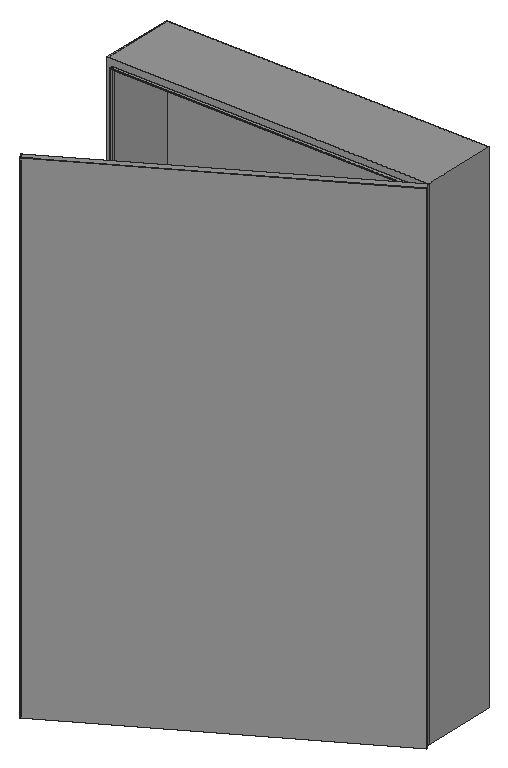
Revit family "Hager-Univers-IP54-D205-H1250-Cl.I-Encl-NoHosted-DE-de", category Equipement électrique, Revit 2020
Family settings
  Configuration du panneau = Deux colonnes, circuits au sein
  Cote de connecteur circulaire = Utiliser le diamètre
  Type d'élément = Tableau de raccordement
  Basée sur le plan de construction = Oui
  Toujours verticalement = Oui
  Couper avec des vides une fois chargée = Non
  Partagée = Non
  Point de calcul de pièce = Non
Parameters (values of type "Aufputz IP54 B800 H1250 T205  - FP83TW2")
  Width Control [instance] = if([EF000008 - Breite] > Min Width, [EF000008 - Breite], Min Width)  # 800 mm
  Commentaires du type = [HG000003 - Bereich]  # "Univers"
  Thickness Door [instance] = if([EF009171 - Materialstärke Tür/Deckel] > 3 mm, 3 mm, [EF009171 - Materialstärke Tür/Deckel])  # 1 mm
  Seal Frame Offset [instance] = 17 mm  # constant formula
  Plinth Visibility [instance] = [HG000027 - Sockelhöhe] > 0 mm  # no
  Min Width [instance] = 100 mm  # constant formula
  Min Depth [instance] = (2 * [EF009170 - Materialstärke Gehäuse]) + 1 mm  # 3 mm
  Min Height [instance] = 100 mm  # constant formula
  Internal Frame Depth [instance] = (Door System Depth * 0.5)  # 9 mm
  Panel Name [instance] = ""  # (empty or 0)
  Model = ""
  HG000027 - Sockelhöhe = 0 mm
  HG000026 - Stehend auf dem Boden = no
  HG000024 - Höhe des unteren Teils = 600 mm
  HG000023 - Gehäuse mit doppeltem Querschnitt = no
  HG000016 - 3D-Türsichtbarkeit [instance] = yes
  HG000015 - Sichtbarkeit der Türöffnung [instance] = no
  HG000014 - Tür rechts [instance] = yes
  HG000013 - Tür links [instance] = not([HG000014 - Tür rechts])  # no
  HG000012 - Türschwenkwinkel [instance] = 30.00°
  HG000010 - Asymmetrische Türen = no
  HG000009 - Doppelflügeligen Tür = no
  HG000006 - Unterputz = no
  HG000004 - Herstellerreferenz = "FP83TW2"
  HG000003 - Bereich = "Univers"
  HG000002 - Mit tür = yes
  Frame Offset Bottom [instance] = 10 mm  # constant formula
  Frame Offset [instance] = 15 mm  # constant formula
  EF015940 - Deckel mit Überdruckentlastung = no
  EF011959 - Schutzart (NEMA) = ""
  EF009554 - Anzahl der Öffnungen für Flanschplatten = 6
  EF009212 - Ausführung Deckel = "EV000116 - geschlossen"
  EF009171 - Materialstärke Tür/Deckel = 1 mm
  EF009170 - Materialstärke Gehäuse = 1 mm
  EF008873 - Nennstrom (In) = 250 A
  EF007800 - Geeignet für Blitzschutz = no
  EF006306 - Mit Schloss = no
  EF006244 - Transparenter Deckel/Tür = no
  EF005474 - Schutzart (IP) = "EV006419 - IP54"
  EF004464 - Art der Tür = "EV002646 - Einzel"
  EF004427 - Anzahl der Module = 288
  EF004293 - Schlagfestigkeit = "EV006815 - IK09"
  EF003532 - Geeignet für Außengebrauch = no
  EF002950 - Breite in Teilungseinheiten = 36
  EF001613 - Funktionserhalt = "EV000494 - ohne"
  EF001596 - Werkstoff des Gehäuses = "EV000179 - Stahl"
  EF001131 - Innentiefe = 130 mm
  EF001088 - Anbaumöglichkeit = yes
  EF000437 - Anzahl der Leitungseinführungen = 6
  EF000339 - Art der Abdeckung = "EV001012 - Deckel"
  EF000266 - Anzahl der Reihen = 8
  EF000218 - Einbautiefe = 205 mm
  EF000118 - Mit Montageplatte = no
  EF000116 - RAL-Nummer = "9010"
  EF000049 - Tiefe = 205 mm
  EF000040 - Höhe = 1250 mm
  EF000008 - Breite = 800 mm
  EF000007 - Farbe = "EV000202 - weiß"
  EF000003 - Montageart = "EV000384 - Aufputz"
  Door System Leaf Tolerance [instance] = 1.5 mm  # constant formula
  Door System Depth [instance] = 18 mm  # constant formula
  Door Height [instance] = Height Control - [HG000027 - Sockelhöhe]  # 1250 mm
  Description = ""
  Default Elevation = 1219.2 mm
  Connector Offset [instance] = Height Control / 2  # 625 mm
  Fabricant = "Hager"  # constant formula
  Height Control [instance] = if([EF000040 - Höhe] > Min Height, [EF000040 - Höhe], Min Height)  # 1250 mm
  Depth Control [instance] = if([EF000049 - Tiefe] > Min Depth, [EF000049 - Tiefe], Min Depth)  # 205 mm
  Bottom Top Plate Trim [instance] = 1.5 mm  # constant formula
  Plinth height Ctrl [instance] = if([HG000027 - Sockelhöhe] > 0 mm, [HG000027 - Sockelhöhe], 12 mm)  # 12 mm
Types (7, lengths in mm): name | Width Control | HG000004 - Herstellerreferenz | EF009554 - Anzahl der Öffnungen für Flanschplatten | EF004464 - Art der Tür | EF004427 - Anzahl der Module | EF002950 - Breite in Teilungseinheiten | EF000437 - Anzahl der Leitungseinführungen | EF000008 - Breite
  Aufputz IP54 B1300 H1250 T205  - FP85TW2 | 1300 | "FP85TW2" | 10 | "EV003602 - Doppel" | 480 | 60 | 10 | 1300
  Aufputz IP54 B300 H1250 T205  - FP81TW | 300 | "FP81TW" | 2 | "EV002646 - Einzel" | 96 | 12 | 2 | 300
  Aufputz IP54 B300 H1250 T205  - FP81TW2 | 300 | "FP81TW2" | 2 | "EV002646 - Einzel" | 96 | 12 | 2 | 300
  Aufputz IP54 B550 H1250 T205  - FP82TW | 550 | "FP82TW" | 4 | "EV002646 - Einzel" | 192 | 24 | 4 | 550
  Aufputz IP54 B550 H1250 T205  - FP82TW2 | 550 | "FP82TW2" | 4 | "EV002646 - Einzel" | 192 | 24 | 4 | 550
  Aufputz IP54 B800 H1250 T205  - FP83TW | 800 | "FP83TW" | 6 | "EV002646 - Einzel" | 288 | 36 | 6 | 800
  Aufputz IP54 B800 H1250 T205  - FP83TW2 | 800 | "FP83TW2" | 6 | "EV002646 - Einzel" | 288 | 36 | 6 | 800
Reference planes
  plane 1 "Center (Front/Back)": y = 0
  plane 2: z = 0
  plane 3 "Center (Left/Right)": x = 0
  plane 4: y = 0
  plane 5: y = 0
  plane 6: z = 0
  plane 7: x = -400
  plane 8: x = 400
  plane 9: x = 399
  plane 10: x = -399
  plane 11: z = 0
  plane 12: z = 1
  plane 13: y = -205
  plane 14: y = -1
  plane 15: x = 0
  plane 16: y = -187
  plane 17: y = -204
  plane 18: y = -186
  plane 19: x = -384
  plane 20: x = 384
  plane 21: z = 11
  plane 22: x = -383
  plane 23: x = 383
  plane 24: z = 0
  plane 25: z = 1250
  plane 26: z = 1250
  plane 27: z = 1234
  plane 28: z = 1249
Forms (mm)
  Extrusion 1, solid, material "Hager_Steel_RAL7035_Light_Grey", detail levels medium+fine
    sketch origin (-208.679, -4572, 0) x (-1, 0, 0) y (0, -1, 0)
      loop
        line (191.321, -4385) -> (-608.679, -4385) -> (-608.679, -4572) -> (191.321, -4572) -> (191.321, -4385)
    from 0 to 1250
  Extrusion 2, void
    sketch origin (-350.771, -205, 1219.2) x (1, 0, 0) y (0, 0, 1)
      loop
        line (-48.229, 29.8) -> (-48.229, -1218.2) -> (749.771, -1218.2) -> (749.771, 29.8) -> (-48.229, 29.8)
    from -19 to -204
  Extrusion 3, void
    sketch origin (-290.084, -187, 1219.2) x (1, 0, 0) y (0, 0, 1)
      loop
        line (-93.916, -1208.2) -> (674.084, -1208.2) -> (674.084, 14.8) -> (-93.916, 14.8) -> (-93.916, -1208.2)
    from 0 to -1
  Extrusion 4, solid, material "Hager_Steel_RAL7035_Light_Grey", visible <- "Plinth Visibility", detail levels medium+fine
    sketch origin (0, 0, 0) x (1, 0, 0) y (0, 1, 0)
      loop
        line (-400, 0) -> (-400, -187) -> (400, -187) -> (400, 0) -> (-400, 0)
    from 0 to 12 <- "Plinth height Ctrl"
  Extrusion 5, solid, material "Hager_Steel_RAL7035_Light_Grey", detail levels coarse
    sketch origin (0, 0, 0) x (1, 0, 0) y (0, 1, 0)
      loop
        line (-400, 0) -> (-400, -205) -> (400, -205) -> (400, 0) -> (-400, 0)
    from 0 to 1250 <- "Height Control"
  Sweep 6, void
    path in 3D
      loop
        line (-400, -187, 12) -> (400, -187, 12) -> (400, 0, 12) -> (-400, 0, 12) -> (-400, -187, 12)
    profile origin (-400, -93.5, 12) x (1, 0, 0) y (0, 0, 1)
      loop
        line (0, 0) -> (0, -1.5) -> (1.5, -1.5)
        arc (1.5, -1.5) -> (1.061, -0.439) -> (0, 0) r 1.5
  Extrusion 7, solid, material "Hager_Steel_RAL7035_Light_Grey", detail levels fine
    sketch origin (-400, -187, 0) x (1, 0, 0) y (0, 0, 1)
      loop
        line (16, 11) -> (784, 11) -> (784, 1234) -> (16, 1234) -> (16, 11)
      loop
        line (15, 10) -> (785, 10) -> (785, 1235) -> (15, 1235) -> (15, 10)
    from 0 to 9 <- "Internal Frame Depth"
Cuts and joins
  Extrusion 2, Extrusion 3 cuts Extrusion 1
  Sweep 6 cuts Extrusion 4
Lines and regions (mm)
  Masking region 1
    outline origin (0, 0, 0) x (1, 0, 0) y (0, 1, 0)
      loop
        line (-400, 0) -> (-400, -205) -> (400, -205) -> (400, 0) -> (-400, 0)
  Masking region 2, detail levels coarse
    outline origin (-290.084, -187, 1219.2) x (-1, 0, 0) y (0, 0, 1)
      loop
        line (-690.084, -1219.2) -> (109.916, -1219.2) -> (109.916, 30.8) -> (-690.084, 30.8) -> (-690.084, -1219.2)
  Masking region 3, detail levels coarse
    outline origin (0, 0, 0) x (0, 1, 0) y (0, 0, 1)
      loop
        line (0, 0) -> (0, 1250) -> (-205, 1250) -> (-205, 0) -> (0, 0)
  Masking region 4, visible <- "Plinth Visibility", detail levels medium+fine
    outline origin (0, 0, 0) x (0, 1, 0) y (0, 0, 1)
      loop
        line (-1.5, 12) -> (-185.5, 12)
        arc (-185.5, 12) -> (-185.939, 10.939) -> (-187, 10.5) r 1.5
        line (-187, 10.5) -> (-187, 0) -> (0, 0) -> (0, 10.5)
        arc (0, 10.5) -> (-1.061, 10.939) -> (-1.5, 12) r 1.5
  Masking region 5, detail levels medium+fine
    outline origin (0, 0, 594.038) x (0, 1, 0) y (0, 0, 1)
      loop
        line (0, -594.038) -> (0, 655.962) -> (-187, 655.962) -> (-187, -594.038) -> (0, -594.038)
  Masking region 6, detail levels medium+fine
    outline origin (-359.7, -187, 1211.883) x (-1, 0, 0) y (0, 0, 1)
      loop
        line (-759.7, -1211.883) -> (40.3, -1211.883) -> (40.3, 38.117) -> (-759.7, 38.117) -> (-759.7, -1211.883)
  Masking region 7, visible <- "Plinth Visibility", detail levels medium+fine
    outline origin (-320.334, -187, 1041.368) x (-1, 0, 0) y (0, 0, 1)
      loop
        line (-720.334, -1041.368) -> (79.666, -1041.368) -> (79.666, -1030.868)
        arc (79.666, -1030.868) -> (78.606, -1030.429) -> (78.166, -1029.368) r 1.5
        line (78.166, -1029.368) -> (-718.834, -1029.368)
        arc (-718.834, -1029.368) -> (-719.273, -1030.429) -> (-720.334, -1030.868) r 1.5
        line (-720.334, -1030.868) -> (-720.334, -1041.368)
  sketch lines
    curve 1: line (-400, 0, 12) -> (-400, -187, 12)
    curve 2: line (-400, -187, 12) -> (400, -187, 12)
    curve 3: line (400, 0, 12) -> (-400, 0, 12)
    curve 4: line (400, -187, 12) -> (400, 0, 12)
Dimensions and locks
  locked: plane 1 "Center (Front/Back)" to plane 5
  "EF009170 - Materialstärke Gehäuse": plane 7 to plane 10
  "EF009170 - Materialstärke Gehäuse": plane 8 to plane 9
  equal spacing: plane 7, plane 3 "Center (Left/Right)", plane 8
  "Width Control": plane 7 to plane 8
  "Depth Control": plane 4 to plane 13
  "EF009170 - Materialstärke Gehäuse": plane 4 to plane 14
  "Height Control": plane 25 to level
  "HG000027 - Sockelhöhe": plane 11 to level
  "EF009170 - Materialstärke Gehäuse": plane 12 to plane 11
  "EF009170 - Materialstärke Gehäuse": plane 17 to plane 13
  "EF009170 - Materialstärke Gehäuse": plane 18 to plane 16
  "Frame Offset Bottom": plane 21 to plane 12
  "Frame Offset": plane 10 to plane 19
  "Frame Offset": plane 9 to plane 20
  "Door System Depth": plane 16 to plane 13
  "Seal Frame Offset": plane 7 to plane 22
  "Seal Frame Offset": plane 8 to plane 23
  "EF009170 - Materialstärke Gehäuse": plane 26 to plane 28
  "Frame Offset": plane 28 to plane 27
  "Connector Offset": plane 2 to connector elem
  "Bottom Top Plate Trim": profile plane to Sweep 6 sketch curve
  "Bottom Top Plate Trim": Sweep 6 sketch curve to Sweep 6 sketch curve
  "Plinth height Ctrl": Masking region 4 sketch curve to level
  "Plinth height Ctrl": Masking region 7 sketch curve to level
  "Thickness Door": Extrusion 7 sketch curve to Extrusion 7 sketch curve  (x4)
  "Bottom Top Plate Trim": radius of Sweep 6 sketch curve
  "Bottom Top Plate Trim": radius of Masking region 4 sketch curve  (x2)
  "Bottom Top Plate Trim": radius of Masking region 7 sketch curve  (x2)
  aligned and locked: Extrusion 2 sketch curve to plane 12
  aligned and locked: Extrusion 2 sketch curve to plane 9
  aligned and locked: Extrusion 2 sketch curve to plane 10
  aligned and locked: Extrusion 2 to plane 14
  aligned and locked: Extrusion 1 sketch curve to plane 4
  aligned and locked: plane 8 to Extrusion 1 sketch curve
  aligned and locked: plane 7 to Extrusion 1 sketch curve
  aligned and locked: Extrusion 2 to plane 18
  aligned and locked: Extrusion 3 sketch curve to plane 19
  aligned and locked: plane 20 to Extrusion 3 sketch curve
  aligned and locked: Extrusion 3 to Extrusion 2
  aligned and locked: Extrusion 3 sketch curve to plane 21
  aligned and locked: plane 3 "Center (Left/Right)" to nested 1
  aligned and locked: Extrusion 1 sketch curve to plane 16
  aligned and locked: Extrusion 4 sketch curve to cut or joined group of Extrusion 1, Extrusion 2, Extrusion 3
  aligned and locked: Masking region 1 sketch curve to plane 7
  aligned and locked: Masking region 1 sketch curve to plane 5
  aligned and locked: Masking region 1 sketch curve to plane 8
  aligned and locked: Masking region 2 sketch curve to level
  aligned and locked: level to Masking region 3 sketch curve
  aligned and locked: plane 1 "Center (Front/Back)" to Masking region 3 sketch curve
  aligned and locked: plane 13 to Masking region 3 sketch curve
  aligned and locked: plane 5 to Masking region 4 sketch curve
  aligned and locked: Masking region 2 sketch curve to plane 8
  aligned and locked: Masking region 2 sketch curve to plane 7
  aligned and locked: plane 7 to nested 2
  aligned and locked: nested 2 to plane 5
  aligned and locked: plane 5 to Masking region 5 sketch curve
  aligned and locked: plane 26 to Masking region 5 sketch curve
  aligned and locked: Extrusion 5 sketch curve to plane 8
  aligned and locked: Extrusion 5 sketch curve to plane 7
  aligned and locked: Extrusion 5 sketch curve to plane 5
  aligned and locked: Extrusion 3 sketch curve to plane 27
  aligned and locked: Extrusion 2 sketch curve to plane 28
  aligned and locked: Masking region 2 to plane 25
  aligned and locked: Extrusion 4 to plane 16
  aligned and locked: profile plane to Sweep 6 sketch curve
  aligned and locked: Masking region 5 sketch curve to plane 24
  aligned and locked: level to Masking region 4 sketch curve
  aligned and locked: Masking region 1 to plane 13
  aligned and locked: nested 1 to plane 16
  aligned and locked: Masking region 3 to plane 25
  aligned and locked: plane 16 to Masking region 4 sketch curve
  aligned and locked: Masking region 5 sketch curve to plane 16
  aligned and locked: plane 24 to plane 11
  aligned and locked: plane 26 to plane 25
  aligned and locked: plane 26 to cut or joined group of Extrusion 1, Extrusion 2, Extrusion 3
  aligned and locked: nested 1 to plane 24
  aligned and locked: Extrusion 1 to Extrusion 3
  aligned and locked: Masking region 6 sketch curve to plane 8
  aligned and locked: Masking region 6 sketch curve to plane 24
  aligned and locked: Masking region 6 sketch curve to plane 7
  aligned and locked: Masking region 6 sketch curve to plane 26
  aligned and locked: Masking region 7 sketch curve to plane 7
  aligned and locked: level to Masking region 7 sketch curve
  aligned and locked: Masking region 7 sketch curve to plane 8
  aligned and locked: Extrusion 7 sketch curve to cut or joined group of Extrusion 1, Extrusion 2, Extrusion 3  (x4)
Automatic sketch dimensions
  plane 19 to Extrusion 3 sketch curve = 0 mm
  Extrusion 3 sketch curve to plane 20 = 0 mm
  Extrusion 3 sketch curve to plane 21 = 0 mm
  Extrusion 4 sketch curve to plane 7 = 0 mm
  Extrusion 4 sketch curve to plane 8 = 0 mm
  Extrusion 4 sketch curve to plane 16 = 0 mm
  Masking region 1 sketch curve to plane 13 = 0 mm
  Masking region 2 sketch curve to plane 25 = 0 mm
  Masking region 3 sketch curve to plane 25 = 0 mm
  Extrusion 5 sketch curve to plane 13 = 0 mm
  profile plane to Sweep 6 sketch curve = 0 mm
Nested families
  nested 1: "EC000058_Univers_Door" at (0, -187, 0), Double <- "HG000009 - Doppelflügeligen Tür", Transparent <- "EF006244 - Transparenter Deckel/Tür", Angle <- "HG000012 - Türschwenkwinkel", Door_Right <- "HG000014 - Tür rechts", Assymetrical <- "HG000010 - Asymmetrische Türen", Door <- "HG000002 - Mit tür", Width_Ctrl <- "Width Control", 3d_Door <- "HG000016 - 3D-Türsichtbarkeit", Clearance <- "HG000015 - Sichtbarkeit der Türöffnung", Door_Left <- "HG000013 - Tür links", Width <- "Width Control", Door_Depth <- "Door System Depth", Leaf_Tolerance <- "Door System Leaf Tolerance", Height <- "Door Height", Lock_Visibility <- "EF006306 - Mit Schloss", Thickness <- "Thickness Door", type "EC000058_Univers_Door", detail levels medium+fine
    with min_wh 3 mm, Width_Ctrl 800 mm, Width 800 mm, Transparent no, Thickness 1 mm, Seal_Material Hager_Rubber, Lock_Visibility no, Lock_Material Hager_Plastic_RAL9005_Jet_Black, Leaf_Width 800 mm, Leaf_Tolerance_External_Sides 0 mm, Leaf_Tolerance 1.5 mm, Leaf_Offset 0 mm, Leaf_Height 1247 mm, Leaf_2_Width 800 mm, Leaf_2_Offset 400 mm, Leaf_1_Width 800 mm, Leaf_1_Offset 400 mm, Height_Ctrl 1250 mm, Height 1250 mm, Glass_Material Hager_Glass, Double_Clearance_Ctrl no, Double no, Door_Right_Ctrl yes, Door_Right yes, Door_Material Hager_Steel_RAL7035_Light_Grey, Door_Left_Ctrl no, Door_Left no, Door_Depth 18 mm, Door yes, Clearance_Material Hager_Clearance, Clearance_Depth 800 mm, Clearance_Ctrl no, Clearance no, Assymetrical no, Angle 30.00°, 3d_Door yes
  nested 2: "Hager_Enclosure_Symbol" at (-400, 0, 0), Height <- "Depth Control", Width <- "Width Control", type "Hager_Enclosure_Symbol"
    with Width_Ctrl 800 mm, Width 800 mm, Height_Ctrl 205 mm, Height 205 mm, A_Width_Int 13.453 mm, A_Width 161.438 mm, A_Height_Ctrl 179.375 mm, A_Height 179.375 mm
Connectors
  electrical at (0, 0, 625)
    settings: on plane 1 "Center (Front/Back)", index 1, voltage 0 V, apparent load 0 VA, apparent load phase1 0 VA, apparent load phase2 0 VA, apparent load phase3 0 VA, power factor 1, load classification "Other", number of poles 1, system type 30, power factor state 1, is connector primary yes, connector utility no, sub classification motor no, connector description ""
Definition of nested family "EC000058_Univers_Door"
  Parameters (values of type "EC000058_Univers_Door")
    min_wh [instance] = (2 * Thickness) + 1 mm  # 11 mm
    Width_Ctrl [instance] = 400 mm
    Width [instance] = 500 mm
    Transparent [instance] = yes
    Thickness [instance] = 5 mm
    Seal_Material [instance] = none
    Lock_Visibility [instance] = yes
    Lock_Material [instance] = none
    Leaf_Width [instance] = if((Width_Ctrl - 2 * Leaf_Tolerance_External_Sides) > 0 mm, (Width_Ctrl - 2 * Leaf_Tolerance_External_Sides), min_wh)  # 400 mm
    Leaf_Tolerance_External_Sides [instance] = 0 mm  # constant formula
    Leaf_Tolerance [instance] = 1.5 mm
    Leaf_Offset [instance] = 0 mm  # constant formula
    Leaf_Height [instance] = if((Height_Ctrl - 2 * Leaf_Tolerance) > 0 mm, (Height_Ctrl - 2 * Leaf_Tolerance), min_wh)  # 497 mm
    Leaf_2_Width [instance] = if(and(and(Double, Assymetrical), Door_Left), (Leaf_Width / 3) - (Leaf_Tolerance / 2), if(and(and(Double, Assymetrical), Door_Right), (Leaf_Width / 3) * 2 - (Leaf_Tolerance / 2), if(and(Double, not(Assymetrical)), (Leaf_Width / 2) - Leaf_Tolerance, Leaf_Width)))  # 400 mm
    Leaf_2_Offset [instance] = if(and(Double, Assymetrical), Leaf_2_Width / 2, if(and(Double, not(Assymetrical)), Leaf_Width / 4, Leaf_Width / 2))  # 200 mm
    Leaf_1_Width [instance] = if(and(and(Double, Assymetrical), Door_Right), (Leaf_Width / 3) - (Leaf_Tolerance / 2), if(and(and(Double, Assymetrical), Door_Left), (Width / 3) * 2 - (Leaf_Tolerance / 2), if(and(Double, not(Assymetrical)), (Leaf_Width / 2) - Leaf_Tolerance, Leaf_Width)))  # 400 mm
    Leaf_1_Offset [instance] = if(and(Double, Assymetrical), Leaf_1_Width / 2, if(and(Double, not(Assymetrical)), Leaf_Width / 4, Leaf_Width / 2))  # 200 mm
    Height_Ctrl [instance] = if(Height > min_wh, Height, min_wh)  # 500 mm
    Height [instance] = 500 mm
    Glass_Material [instance] = none
    Double_Clearance_Ctrl [instance] = and(Double, Clearance)  # no
    Double [instance] = no
    Door_Right_Ctrl [instance] = and(or(Door_Right, Double), Door)  # yes
    Door_Right [instance] = yes
    Door_Material [instance] = none
    Door_Left_Ctrl [instance] = and(or(Door_Left, Double), Door)  # no
    Door_Left [instance] = no
    Door_Depth [instance] = 30 mm
    Door [instance] = yes
    Default Elevation = 1219.2 mm
    Clearance_Material [instance] = none
    Clearance_Depth [instance] = if(Leaf_1_Width > Leaf_2_Width, Leaf_1_Width, Leaf_2_Width)  # 400 mm
    Clearance_Ctrl [instance] = and(not(Double), Clearance)  # yes
    Clearance [instance] = yes
    Assymetrical [instance] = yes
    Angle [instance] = 30.00°
    3d_Door [instance] = yes
  Reference planes
    plane 1 "Center (Front/Back)": y = 0
    plane 2 "Bottom": z = 0
    plane 3 "Center (Left/Right)": x = 0
    plane 4: z = 500
    plane 5: x = -200
    plane 6: x = 200
    plane 7: z = 500
    plane 8: x = -200
    plane 9: z = 0
    plane 10: x = 200
    plane 11: y = 0
    plane 12: z = 1.5
    plane 13: x = -600
    plane 14: y = -400
    plane 15: x = 600
    plane 16: x = 0
    plane 17: x = 0
    plane 18: x = -200
    plane 19: x = 200
    plane 20: z = 498.5
  Forms (mm)
    Extrusion 1, solid, material <- "Clearance_Material", visible <- "Double_Clearance_Ctrl"
      sketch origin (1200, 0, 0) x (1, 0, 0) y (0, 0, -1)
        loop
          line (-1800, -498.5) -> (-600, -498.5) -> (-600, 0) -> (-1800, 0) -> (-1800, -498.5)
      from 0 to -400
  Dimensions and locks
    equal spacing: plane 5, plane 3 "Center (Left/Right)", plane 6
    "Width_Ctrl": plane 5 to plane 6
    "Leaf_Offset": plane 5 to plane 8
    "Leaf_Offset": plane 6 to plane 10
    "Leaf_Offset": plane 9 to level
    "Leaf_Offset": plane 4 to plane 7
    "Height_Ctrl": plane 4 to level
    "Leaf_Tolerance": plane 12 to plane 9
    locked: plane 11 to plane 1 "Center (Front/Back)"
    "Leaf_1_Offset": plane 18 to plane 16
    "Leaf_2_Offset": plane 17 to plane 19
    "Leaf_1_Width": plane 13 to plane 8
    "Leaf_2_Width": plane 10 to plane 15
    "Clearance_Depth": plane 14 to plane 1 "Center (Front/Back)"
    "Leaf_Tolerance_External_Sides": plane 8 to plane 18
    "Leaf_Tolerance_External_Sides": plane 19 to plane 10
    "Leaf_Tolerance": plane 7 to plane 20
    aligned and locked: level to plane 2 "Bottom"
    aligned and locked: nested 1 to plane 16
    aligned and locked: nested 2 to plane 17
    aligned and locked: Extrusion 1 to plane 13
    aligned and locked: plane 15 to Extrusion 1
    aligned and locked: Extrusion 1 to plane 14
    aligned and locked: plane 12 to nested 1
    aligned and locked: nested 2 to plane 12
    aligned and locked: Extrusion 1 to plane 11
    aligned and locked: plane 20 to Extrusion 1
    aligned and locked: nested 2 to plane 11
    aligned and locked: nested 1 to plane 11
  Automatic sketch dimensions
    Extrusion 1 sketch curve to level = 0 mm
    plane 5 to Extrusion 1 sketch curve = 400 mm
    plane 6 to Extrusion 1 sketch curve = 400 mm
    Extrusion 1 sketch curve to plane 4 = 1.5 mm
  Nested families
    nested 1: "EC000058_Univers_Door_Leaf" at (0, 0, 1.5), Width <- "Leaf_1_Width", visible <- "Door_Left_Ctrl", Leaf_Height <- "Leaf_Height", Angle <- "Angle", 3d_Door <- "3d_Door", Transparent <- "Transparent", Clearance Material <- "Clearance_Material", Clearance <- "Clearance_Ctrl", Door_Material <- "Door_Material", Glass_Material <- "Glass_Material", Door_Depth <- "Door_Depth", Lock_Material <- "Lock_Material", Seal_Material <- "Seal_Material", Lock_Visibility <- "Lock_Visibility", Thickness <- "Thickness", type "EC000058_Univers_Door_Leaf"
      with Width 400 mm, Transparent_Glass_Offset 30 mm, Transparent_Ctrl yes, Transparent yes, Thickness 5 mm, Standard no, Seal_Material none, Seal_D2 8 mm, Seal_D1 1 mm, Offset_Internal_Frame 10 mm, Lock_Width 20 mm, Lock_Visibility_3d yes, Lock_Visibility yes, Lock_Thickness_3 3 mm, Lock_Thickness_2 1 mm, Lock_Thickness_1 3 mm, Lock_Radius_Offset_2 16 mm, Lock_Radius_Offset_1 15 mm, Lock_Radius_2 5 mm, Lock_Radius 6 mm, Lock_Offset 5 mm, Lock_Material none, Lock_Height 80 mm, Lock_Cover_Top_Offset_2d 17 mm, Lock_Cover_Height -65 mm, Leaf_Height 497 mm, Internal_Seal_Thickness 8 mm, Internal_Seal_Depth_2 4.5 mm, Internal_Frame_Depth 25 mm, Glass_Thickness -1 mm, Glass_Offset -2 mm, Glass_Material none, Door_Material none, Door_Depth 30 mm, Clearance Material none, Clearance yes, Angle_Ctrl 30.00°, Angle 30.00°, 3d_Door yes
    nested 2: "EC000058_Univers_Door_Leaf" at (0, 0, 1.5) x (-1, 0, 0) z (0, 0, 1), Width <- "Leaf_2_Width", visible <- "Door_Right_Ctrl", Leaf_Height <- "Leaf_Height", Angle <- "Angle", 3d_Door <- "3d_Door", Transparent <- "Transparent", Clearance Material <- "Clearance_Material", Clearance <- "Clearance_Ctrl", Door_Material <- "Door_Material", Glass_Material <- "Glass_Material", Door_Depth <- "Door_Depth", Lock_Material <- "Lock_Material", Seal_Material <- "Seal_Material", Lock_Visibility <- "Lock_Visibility", Thickness <- "Thickness", type "EC000058_Univers_Door_Leaf"
      with Width 400 mm, Transparent_Glass_Offset 30 mm, Transparent_Ctrl yes, Transparent yes, Thickness 5 mm, Standard no, Seal_Material none, Seal_D2 8 mm, Seal_D1 1 mm, Offset_Internal_Frame 10 mm, Lock_Width 20 mm, Lock_Visibility_3d yes, Lock_Visibility yes, Lock_Thickness_3 3 mm, Lock_Thickness_2 1 mm, Lock_Thickness_1 3 mm, Lock_Radius_Offset_2 16 mm, Lock_Radius_Offset_1 15 mm, Lock_Radius_2 5 mm, Lock_Radius 6 mm, Lock_Offset 5 mm, Lock_Material none, Lock_Height 80 mm, Lock_Cover_Top_Offset_2d 17 mm, Lock_Cover_Height -65 mm, Leaf_Height 497 mm, Internal_Seal_Thickness 8 mm, Internal_Seal_Depth_2 4.5 mm, Internal_Frame_Depth 25 mm, Glass_Thickness -1 mm, Glass_Offset -2 mm, Glass_Material none, Door_Material none, Door_Depth 30 mm, Clearance Material none, Clearance yes, Angle_Ctrl 30.00°, Angle 30.00°, 3d_Door yes
  Definition of nested family "EC000058_Univers_Door_Leaf"
    Parameters (values of type "EC000058_Univers_Door_Leaf")
      Width [instance] = 2000 mm
      Transparent_Glass_Offset [instance] = 30 mm
      Transparent_Ctrl [instance] = and(Transparent, [3d_Door])  # yes
      Transparent [instance] = yes
      Thickness [instance] = 5 mm
      Standard [instance] = and(not(Transparent), [3d_Door])  # no
      Seal_Material [instance] = none
      Seal_D2 [instance] = 8 mm  # constant formula
      Seal_D1 [instance] = 1 mm  # constant formula
      Offset_Internal_Frame [instance] = 10 mm  # constant formula
      Lock_Width [instance] = 20 mm  # constant formula
      Lock_Visibility_3d [instance] = and(Lock_Visibility, [3d_Door])  # yes
      Lock_Visibility [instance] = yes
      Lock_Thickness_3 [instance] = 3 mm  # constant formula
      Lock_Thickness_2 [instance] = 1 mm  # constant formula
      Lock_Thickness_1 [instance] = 3 mm  # constant formula
      Lock_Radius_Offset_2 [instance] = Lock_Radius_Offset_1 + 1 mm  # 16 mm
      Lock_Radius_Offset_1 [instance] = 15 mm  # constant formula
      Lock_Radius_2 [instance] = Lock_Radius - 1 mm  # 5 mm
      Lock_Radius [instance] = 6 mm  # constant formula
      Lock_Offset [instance] = 5 mm  # constant formula
      Lock_Material [instance] = none
      Lock_Height [instance] = 80 mm  # constant formula
      Lock_Cover_Top_Offset_2d [instance] = Lock_Radius_Offset_2 + 1 mm  # 17 mm
      Lock_Cover_Height [instance] = -(Lock_Height - Lock_Radius_Offset_1)  # -65 mm
      Leaf_Height [instance] = 2720.336 mm
      Internal_Seal_Thickness [instance] = 8 mm  # constant formula
      Internal_Seal_Depth_2 [instance] = 4.5 mm  # constant formula
      Internal_Frame_Depth [instance] = if(Door_Depth - Thickness > 5 mm, Door_Depth - Thickness, 5 mm)  # 25 mm
      Glass_Thickness [instance] = if(Thickness > 15 mm, Glass_Offset + 10 mm, -1 mm)  # -1 mm
      Glass_Offset [instance] = if(Thickness > 15 mm, -(Thickness + 10 mm) / 2, -2 mm)  # -2 mm
      Glass_Material [instance] = none
      Door_Material [instance] = none
      Door_Depth [instance] = 30 mm
      Default Elevation = 0 mm
      Clearance Material [instance] = none
      Clearance [instance] = yes
      Angle_Ctrl [instance] = if(Angle > 180.00°, 180.00°, Angle)  # 90.00°
      Angle [instance] = 90.00°
      3d_Door [instance] = yes
    Reference planes
      plane 1 "Center (Front/Back)": y = 0
      plane 2: z = 0
      plane 3 "Center (Left/Right)": x = 0
      plane 4: y = 2000
      plane 5: x = -1000
      plane 6: x = 1000
      plane 7: x = -3000
      plane 8: z = 2720.336
      plane 9: z = 30
      plane 10: z = 2690.336
      plane 11: x = 970
      plane 12: x = -970
      plane 13: y = -3
      plane 14: z = 107.833
      plane 15: y = -5
      plane 16: y = -223.314
      plane 17: x = -1000
      plane 18: z = 1360.168
      plane 19: y = 30
    Forms (mm)
      Extrusion 1, solid, material <- "Clearance Material", visible <- "Clearance"
        sketch origin (0, 0, 0) x (1, 0, 0) y (0, 0, 1)
          loop
            line (-3000, 2720.336) -> (-3000, 0) -> (1000, 0) -> (1000, 2720.336) -> (-3000, 2720.336)
        from 0 to -2000
      Extrusion 2, solid, material <- "Door_Material", visible <- "Standard", detail levels medium+fine
        sketch origin (-1000, 0, 0) x (0, 1, 0) y (-1, 0, 0)
          loop
            line (0, 30) -> (0, 25) -> (2000, 25) -> (2000, 30) -> (0, 30)
        from 0 to 2720.336 <- "Leaf_Height"
      Extrusion 3, solid, material <- "Door_Material", visible <- "Transparent_Ctrl", detail levels medium+fine
        sketch origin (-1000, 0, 0) x (0, 1, 0) y (-1, 0, 0)
          loop
            line (0, 25) -> (2000, 25) -> (2000, 30) -> (0, 30) -> (0, 25)
        from 0 to 2720.336 <- "Leaf_Height"
      Extrusion 4, void
        sketch origin (-1025, 2000, 0) x (0, 1, 0) y (0, 0, -1)
          loop
            line (-30, -2690.336) -> (-30, -30) -> (-1970, -30) -> (-1970, -2690.336) -> (-30, -2690.336)
        from 0 to 5 <- "Thickness"
      Sweep 5, solid, material <- "Seal_Material", visible <- "Transparent_Ctrl", detail levels fine
        path in 3D
          loop
            line (-1025, 30, 30) -> (-1025, 30, 2690.336) -> (-1025, 1970, 2690.336) -> (-1025, 1970, 30) -> (-1025, 30, 30)
        profile origin (-1025, 1000, 30) x (1, 0, 0) y (0, 0, 1)
          loop
            line (0, 0) -> (0, -8) -> (1, -8) -> (1, 0) -> (0, 0)
      Extrusion 6, solid, material <- "Glass_Material", visible <- "Transparent_Ctrl", detail levels medium+fine
        sketch origin (-1030, 0, 0) x (0, 1, 0) y (0, 0, -1)
          loop
            line (1970, -2690.336) -> (1970, -30) -> (30, -30) -> (30, -2690.336) -> (1970, -2690.336)
        from -2 <- "Glass_Offset" to -1 <- "Glass_Thickness"
      Extrusion 7, solid, material <- "Door_Material", visible <- "3d_Door", detail levels medium+fine
        sketch origin (-1025, 2000, 0) x (0, -1, 0) y (0, 0, -1)
          loop
            line (0, -2720.336) -> (2000, -2720.336) -> (2000, 0) -> (0, 0) -> (0, -2720.336)
          loop
            line (1995, -5) -> (5, -5) -> (5, -2715.336) -> (1995, -2715.336) -> (1995, -5)
        from 0 to 25 <- "Internal_Frame_Depth"
      Sweep 8, solid, material <- "Seal_Material", visible <- "Transparent_Ctrl", detail levels fine
        path in 3D
          loop
            line (-1025, 0, 0) -> (-1025, 2000, 0) -> (-1025, 2000, 2720.336) -> (-1025, 0, 2720.336) -> (-1025, 0, 0)
        profile origin (-1025, 0, 1360.168) x (1, 0, 0) y (0, 1, 0)
          loop
            line (0, 10) -> (2.975, 10)
            arc (2.975, 10) -> (4.053, 10.447) -> (4.5, 11.525) r 1.525
            line (4.5, 11.525) -> (4.5, 16.527)
            arc (4.5, 16.527) -> (4.069, 17.569) -> (3.027, 18) r 1.473
            line (3.027, 18) -> (0, 18) -> (0, 10)
      Extrusion 9, solid, material <- "Lock_Material", visible <- "Lock_Visibility_3d", detail levels fine
        sketch origin (-1030, 0, 0) x (0, 1, 0) y (0, 0, -1)
          loop
            arc (1993.5, -1400.168) -> (1994.561, -1399.729) -> (1995, -1398.668) r 1.5
            line (1995, -1398.668) -> (1995, -1320.168) -> (1975, -1320.168) -> (1975, -1398.668)
            arc (1975, -1398.668) -> (1975.439, -1399.729) -> (1976.5, -1400.168) r 1.5
            line (1976.5, -1400.168) -> (1993.5, -1400.168)
        from 3 <- "Lock_Thickness_1" to 0
      Blend 10, solid, material <- "Lock_Material", visible <- "Lock_Visibility_3d", detail levels fine
        base sketch origin (-1033, 0, 0) x (0, 1, 0) y (0, 0, -1)
          loop
            line (1975, -1320.168) -> (1975, -1398.668)
            arc (1975, -1398.668) -> (1975.439, -1399.729) -> (1976.5, -1400.168) r 1.5
            line (1976.5, -1400.168) -> (1993.5, -1400.168)
            arc (1993.5, -1400.168) -> (1994.561, -1399.729) -> (1995, -1398.668) r 1.5
            line (1995, -1398.668) -> (1995, -1320.168) -> (1975, -1320.168)
        top sketch origin (-1033, 0, 0) x (0, 1, 0) y (0, 0, -1)
          loop
            line (1976, -1320.168) -> (1976, -1398.668)
            arc (1976, -1398.668) -> (1976.146, -1399.022) -> (1976.5, -1399.168) r 0.5
            line (1976.5, -1399.168) -> (1993.5, -1399.168)
            arc (1993.5, -1399.168) -> (1993.854, -1399.022) -> (1994, -1398.668) r 0.5
            line (1994, -1398.668) -> (1994, -1320.168) -> (1976, -1320.168)
        from 0 to 1 <- "Lock_Thickness_2"
      Blend 11, solid, material <- "Lock_Material", visible <- "Lock_Visibility_3d", detail levels fine
        base sketch origin (-1034, 0, 0) x (0, 1, 0) y (0, 0, -1)
          loop
            line (1978, -1320.168) -> (1978, -1384.168)
            arc (1978, -1384.168) -> (1985, -1391.168) -> (1992, -1384.168) r 7
            line (1992, -1384.168) -> (1992, -1320.168) -> (1978, -1320.168)
        top sketch origin (-1034, 0, 0) x (0, 1, 0) y (0, 0, -1)
          loop
            line (1991, -1320.168) -> (1979, -1320.168) -> (1979, -1383.168)
            arc (1979, -1383.168) -> (1985, -1389.168) -> (1991, -1383.168) r 6
            line (1991, -1383.168) -> (1991, -1320.168)
        from 0 to 3 <- "Lock_Thickness_3"
      Extrusion 12, solid, material <- "Lock_Material", visible <- "Lock_Visibility_3d", detail levels fine
        sketch origin (-1030, 1975, 1320.168) x (1, 0, 0) y (0, -1, 0)
          loop
            line (-7, -19) -> (-7, -1) -> (0, -1) -> (0, 0) -> (-8, 0) -> (-8, -20) -> (0, -20) -> (0, -19) -> (-7, -19)
        from 0 to -65 <- "Lock_Cover_Height"
      Extrusion 13, void
        sketch origin (-1038, 1995, 1320.168) x (-1, 0, 0) y (0, 0, -1)
          loop
            line (-5, -65) -> (0, -65) -> (-5, -60) -> (-5, -65)
        from 0 to 20 <- "Lock_Width"
      Extrusion 14, void
        sketch origin (-1038, 1975, 1320.168) x (0, -1, 0) y (0, 0, -1)
          loop
            circle (-10, -15.995) r 6
          loop
            circle (-10, -15.995) r 5
        from 0 to 2
      Extrusion 15, solid, material <- "Lock_Material", visible <- "Lock_Visibility_3d", detail levels medium
        sketch origin (-1030, 0, 0) x (0, 1, 0) y (0, 0, -1)
          loop
            arc (1993.5, -1400.168) -> (1994.561, -1399.729) -> (1995, -1398.668) r 1.5
            line (1995, -1398.668) -> (1995, -1320.168) -> (1975, -1320.168) -> (1975, -1398.668)
            arc (1975, -1398.668) -> (1975.439, -1399.729) -> (1976.5, -1400.168) r 1.5
            line (1976.5, -1400.168) -> (1993.5, -1400.168)
        from 8 to 0
    Cuts and joins
      Extrusion 4 cuts Extrusion 3
      Extrusion 13, Extrusion 14 cuts Extrusion 9
      Extrusion 14 cuts Blend 11
      Extrusion 13, Extrusion 14 cuts Extrusion 12
      joined: Extrusion 9, Blend 10, Blend 11, Extrusion 12
      Extrusion 14 cuts Extrusion 15
    Lines and regions (mm)
      Masking region 1, visible <- "Lock_Visibility", detail levels fine
        outline origin (0, 0, 0) x (0, 1, 0) y (0, 0, 1)
          loop
            line (30, 1320.168) -> (33, 1320.168) -> (33, 1400.168) -> (30, 1400.168) -> (30, 1320.168)
      Masking region 2, visible <- "Lock_Visibility", detail levels fine
        outline origin (0, 3.143, 0) x (0, 1, 0) y (0, 0, 1)
          loop
            line (29.857, 1354.168) -> (30.857, 1354.168) -> (30.857, 1366.168) -> (29.857, 1366.168) -> (29.857, 1354.168)
      Masking region 3, detail levels medium+fine
        outline origin (0, 0, 0) x (0, 1, 0) y (0, 0, 1)
          loop
            line (0, 0) -> (30, 0) -> (30, 2720.336) -> (0, 2720.336) -> (0, 0)
      Masking region 4, detail levels medium+fine
        outline origin (0, 0, 0) x (1, 0, 0) y (0, 0, 1)
          loop
            line (-1000, 2720.336) -> (-1000, 0) -> (1000, 0) -> (1000, 2720.336) -> (-1000, 2720.336)
      Masking region 5, visible <- "Lock_Visibility", detail levels fine
        outline origin (-47.116, 0, 0) x (1, 0, 0) y (0, 0, 1)
          loop
            arc (1024.616, 1399.168) -> (1023.556, 1398.729) -> (1023.116, 1397.668) r 1.5
            line (1023.116, 1397.668) -> (1023.116, 1320.168) -> (1041.116, 1320.168) -> (1041.116, 1397.668)
            arc (1041.116, 1397.668) -> (1040.677, 1398.729) -> (1039.616, 1399.168) r 1.5
            line (1039.616, 1399.168) -> (1024.616, 1399.168)
      Masking region 6, visible <- "Lock_Visibility", detail levels medium+fine
        outline origin (-25, 0, 0) x (1, 0, 0) y (0, 0, 1)
          loop
            arc (1001.5, 1400.168) -> (1000.439, 1399.729) -> (1000, 1398.668) r 1.5
            line (1000, 1398.668) -> (1000, 1320.168) -> (1020, 1320.168) -> (1020, 1398.668)
            arc (1020, 1398.668) -> (1019.561, 1399.729) -> (1018.5, 1400.168) r 1.5
            line (1018.5, 1400.168) -> (1001.5, 1400.168)
      Masking region 7, visible <- "Lock_Visibility", detail levels fine
        outline origin (-73.735, 0, 0) x (1, 0, 0) y (0, 0, 1)
          loop
            line (1051.735, 1382.168) -> (1065.735, 1382.168) -> (1065.735, 1384.168)
            arc (1065.735, 1384.168) -> (1058.735, 1391.168) -> (1051.735, 1384.168) r 7
            line (1051.735, 1384.168) -> (1051.735, 1382.168)
      Masking region 8, visible <- "Lock_Visibility", detail levels fine
        outline origin (-73.735, 0, 0) x (1, 0, 0) y (0, 0, 1)
          loop
            line (1052.735, 1382.168) -> (1064.735, 1382.168) -> (1064.735, 1383.168)
            arc (1064.735, 1383.168) -> (1058.735, 1389.168) -> (1052.735, 1383.168) r 6
            line (1052.735, 1383.168) -> (1052.735, 1382.168)
      Masking region 9, visible <- "Lock_Visibility", detail levels fine
        outline origin (-25, 0, 0) x (1, 0, 0) y (0, 0, 1)
          loop
            line (1020, 1320.168) -> (1020, 1382.168) -> (1000, 1382.168) -> (1000, 1320.168) -> (1020, 1320.168)
      Masking region 10, detail levels medium+fine
        outline origin (0, 0, 0) x (1, 0, 0) y (0, 0, 1)
          loop
            circle (985, 1335.144) r 6
      Masking region 11, detail levels fine
        outline origin (0, 0, 0) x (1, 0, 0) y (0, 0, 1)
          loop
            circle (985, 1335.144) r 5
      Masking region 12, visible <- "Lock_Visibility", detail levels fine
        outline origin (0, 12.767, 0) x (0, 1, 0) y (0, 0, 1)
          loop
            line (20.233, 1320.168) -> (21.233, 1320.168) -> (21.233, 1399.168) -> (20.233, 1400.168) -> (20.233, 1320.168)
      Masking region 13, visible <- "Lock_Visibility", detail levels fine
        outline origin (0, 13.767, -10) x (0, 1, 0) y (0, 0, 1)
          loop
            line (20.233, 1330.168) -> (23.233, 1330.168) -> (23.233, 1399.168) -> (20.233, 1402.168) -> (20.233, 1330.168)
      Masking region 14, visible <- "Lock_Visibility", detail levels fine
        outline origin (0, 12.767, -10) x (0, 1, 0) y (0, 0, 1)
          loop
            line (20.233, 1330.168) -> (25.233, 1330.168) -> (25.233, 1399.305) -> (20.233, 1394.305) -> (20.233, 1330.168)
      Masking region 15, visible <- "Lock_Visibility", detail levels medium
        outline origin (0, 0, 0) x (0, 1, 0) y (0, 0, 1)
          loop
            line (30, 1320.168) -> (38, 1320.168) -> (38, 1400.168) -> (30, 1400.168) -> (30, 1320.168)
      Masking region 16, visible <- "Lock_Visibility", detail levels fine
        outline origin (-1000, 0, 0) x (0, 1, 0) y (-1, 0, 0)
          loop
            line (1975, 30) -> (1995, 30) -> (1995, 38) -> (1975, 38) -> (1975, 30)
          loop
            line (1979, 37) -> (1976, 37) -> (1976, 34) -> (1978, 34) -> (1979, 37)
          loop
            line (1994, 37) -> (1991, 37) -> (1992, 34) -> (1994, 34) -> (1994, 37)
      Masking region 17, visible <- "Lock_Visibility", detail levels medium
        outline origin (-1000, 0, 0) x (0, 1, 0) y (-1, 0, 0)
          loop
            line (1975, 30) -> (1995, 30) -> (1995, 38) -> (1975, 38) -> (1975, 30)
      symbolic lines
        curve 1: line (1000, 0, 0) -> (-3000, 0, 0)
        curve 2: arc (1000, 0, 0) -> (-1000, 2000, 0) -> (-3000, 0, 0) r 2000
        curve 4: line (-1030, 0, 0) -> (-1030, 2000, 0)
      reference lines
        curve 3: line (-1000, 0, 0) -> (-1000, 2000, 0)
      symbolic lines, detail levels medium+fine
        curve 5: line (-1030, 2000, 0) -> (-1025, 2000, 0)
        curve 7: line (-1025, 0, 0) -> (-1030, 0, 0)
        curve 8: line (-1025, 0, 0) -> (-1000, 0, 0)
        curve 9: line (-1000, 0, 0) -> (-1000, 2000, 0)
        curve 10: line (-1000, 2000, 0) -> (-1025, 2000, 0)
      symbolic lines, detail levels fine
        curve 6: line (-1025, 2000, 0) -> (-1025, 0, 0)
      sketch lines
        curve 11: line (-1025, 0, 2720.336) -> (-1025, 0, 0)
        curve 12: line (-1025, 2000, 0) -> (-1025, 0, 0)
        curve 13: line (-1025, 2000, 2720.336) -> (-1025, 2000, 0)
        curve 14: line (-1025, 0, 2720.336) -> (-1025, 2000, 2720.336)
        curve 15: line (-1025, 1970, 30) -> (-1025, 30, 30)
        curve 16: line (-1025, 30, 30) -> (-1025, 30, 2690.336)
        curve 17: line (-1025, 1970, 2690.336) -> (-1025, 1970, 30)
        curve 18: line (-1025, 30, 2690.336) -> (-1025, 1970, 2690.336)
      symbolic lines, visible <- "Transparent", detail levels medium+fine
        curve 19: line (-970, 0, 2690.336) -> (970, 0, 2690.336)
        curve 20: line (-970, 0, 30) -> (-970, 0, 2690.336)
        curve 21: line (970, 0, 30) -> (-970, 0, 30)
        curve 22: line (970, 0, 2690.336) -> (970, 0, 30)
    Dimensions and locks
      "Width": plane 1 "Center (Front/Back)" to plane 4
      equal spacing: plane 5, plane 3 "Center (Left/Right)", plane 6
      "Width": plane 5 to plane 6
      "Width": plane 7 to plane 5
      "Leaf_Height": plane 8 to level
      "Width": curve 5 to curve 3
      "Width": curve 3 to curve 3
      plane 8 to plane 10 = 30 mm
      plane 9 to level = 30 mm
      plane 12 to plane 5 = 30 mm
      plane 6 to plane 11 = 30 mm
      Extrusion 1 to Extrusion 4 sketch curve = 30 mm
      "Transparent_Glass_Offset": curve 3 to Extrusion 4 sketch curve
      "Transparent_Glass_Offset": Extrusion 4 sketch curve to cut or joined group of Extrusion 3, Extrusion 4  (x2)
      cut or joined group of Extrusion 3, Extrusion 4 to Extrusion 6 sketch curve = 30 mm
      "Transparent_Glass_Offset": cut or joined group of Extrusion 3, Extrusion 4 to Extrusion 4 sketch curve
      "Thickness": curve 6 to curve 4
      "Thickness": Extrusion 7 sketch curve to Extrusion 7 sketch curve  (x4)
      "Door_Depth": curve 4 to curve 3
      "Offset_Internal_Frame": profile plane to Sweep 8 sketch curve
      "Internal_Seal_Thickness": Sweep 8 sketch curve to Sweep 8 sketch curve
      "Internal_Seal_Depth_2": profile plane to Sweep 8 sketch curve
      "Seal_D1": profile plane to Sweep 5 sketch curve
      "Seal_D2": profile plane to Sweep 5 sketch curve
      "Thickness": Extrusion 2 sketch curve to Extrusion 2 sketch curve
      equal spacing: Extrusion 9 sketch curve, plane 18, Extrusion 9 sketch curve  (x2)
      equal spacing: Masking region 1 sketch curve, plane 18, Masking region 1 sketch curve
      "Lock_Height": Masking region 1 sketch curve to Masking region 1 sketch curve
      "Lock_Radius": Masking region 2 sketch curve to plane 18 to Masking region 2 sketch curve
      Masking region 2 sketch curve to Masking region 1 = 1 mm
      "Door_Depth": plane 19 to plane 1 "Center (Front/Back)"
      "Lock_Thickness_1": Masking region 1 sketch curve to plane 19
      "Lock_Width": Extrusion 9 sketch curve to Extrusion 9 sketch curve
      "Lock_Height": Extrusion 9 sketch curve to Extrusion 9 sketch curve
      "Lock_Offset": cut or joined group of Extrusion 3, Extrusion 4 to Extrusion 9 sketch curve
      equal spacing: plane 8, plane 18, level
      "Lock_Radius_Offset_1": Blend 11 sketch curve to Blend 10
      locked: Blend 10 to Blend 11 sketch curve at 2  (x2)
      locked: var sketch to Blend 11 sketch curve at 1  (x2)
      "Lock_Radius_Offset_2": Blend 11 sketch curve to Blend 10
      locked: Extrusion 12 sketch curve to Extrusion 12 sketch curve at 1  (x3)
      Masking region 6 sketch curve to Masking region 6 sketch curve = 80 mm
      "Lock_Height": Masking region 6 sketch curve to Masking region 6 sketch curve
      "Lock_Width": Masking region 6 sketch curve to Masking region 6 sketch curve
      locked: Masking region 6 to Masking region 5 sketch curve at 1  (x3)
      locked: Masking region 5 to Masking region 7 sketch curve at 2  (x2)
      "Lock_Radius_Offset_1": Masking region 5 to Masking region 7 sketch curve
      "Lock_Radius_Offset_2": Masking region 5 to Masking region 8 sketch curve
      locked: Masking region 7 to Masking region 8 sketch curve at 1  (x2)
      "Lock_Cover_Top_Offset_2d": Masking region 5 to Masking region 9 sketch curve
      equal spacing: Masking region 9, Masking region 10 sketch curve, Masking region 9
      equal spacing: Masking region 9, Masking region 11 sketch curve, Masking region 9
      Extrusion 15 sketch curve to Extrusion 15 sketch curve = 80 mm
      "Lock_Width": Extrusion 15 sketch curve to Extrusion 15 sketch curve
      "Lock_Height": Extrusion 15 sketch curve to Extrusion 15 sketch curve
      equal spacing: Extrusion 15 sketch curve, plane 18, Extrusion 15 sketch curve
      "Lock_Thickness_3": Masking region 13 sketch curve to Masking region 13 sketch curve
      "Lock_Height": Masking region 12 sketch curve to Masking region 12 sketch curve
      locked: Masking region 13 sketch curve to Masking region 1 at 8
      locked: Masking region 14 sketch curve to Masking region 13 at 1
      locked: Masking region 14 sketch curve to Masking region 1 at 10.863
      "Lock_Height": Masking region 15 sketch curve to Masking region 15 sketch curve
      "Lock_Offset": Extrusion 15 sketch curve to cut or joined group of Extrusion 3, Extrusion 4
      "Lock_Offset": plane 6 to Masking region 6 sketch curve
      radius of Sweep 8 sketch curve = 1.525 mm
      radius of Sweep 8 sketch curve = 1.473 mm
      radius of Extrusion 9 sketch curve = 1.5 mm  (x2)
      "Lock_Radius": radius of Extrusion 14 sketch curve
      "Lock_Radius_2": radius of Extrusion 14 sketch curve
      "Lock_Radius": radius of Masking region 10 sketch curve
      "Lock_Radius_2": radius of Masking region 11 sketch curve
      radius of Extrusion 15 sketch curve = 1.5 mm  (x2)
      "Angle_Ctrl": angle plane 1 "Center (Front/Back)" to curve 3
      locked: Masking region 12 sketch curve to Masking region 12 sketch curve (angle 45.00°)
      locked: Masking region 13 sketch curve to Masking region 13 sketch curve (angle 45.00°)
      locked: Masking region 14 sketch curve to Masking region 14 sketch curve (angle 45.00°)
      aligned and locked: level to plane 2
      aligned and locked: Extrusion 1 to curve 1
      aligned and locked: plane 6 to Extrusion 1
      aligned and locked: Extrusion 1 to plane 1 "Center (Front/Back)"
      aligned and locked: plane 4 to Extrusion 1
      aligned and locked: plane 8 to Extrusion 1
      aligned and locked: curve 7 to Extrusion 2 sketch curve
      aligned and locked: curve 5 to Extrusion 2 sketch curve
      aligned and locked: curve 7 to Extrusion 3 sketch curve
      aligned and locked: Extrusion 3 sketch curve to curve 4
      aligned and locked: Extrusion 3 sketch curve to curve 6
      aligned and locked: Extrusion 3 sketch curve to curve 5
      aligned and locked: curve 9 to curve 3
      aligned and locked: Extrusion 7 sketch curve to cut or joined group of Extrusion 3, Extrusion 4  (x4)
      aligned and locked: plane 17 to curve 3
      aligned and locked: plane 1 "Center (Front/Back)" to curve 3
      aligned and locked: plane 17 to plane 5
      aligned and locked: Sweep 8 sketch curve to profile plane
      aligned and locked: Sweep 5 sketch curve to profile plane  (x2)
      aligned and locked: Masking region 1 to Masking region 2 sketch curve
      aligned and locked: plane 19 to Masking region 1 sketch curve
      aligned and locked: plane 1 "Center (Front/Back)" to Masking region 3 sketch curve
      aligned and locked: plane 19 to Masking region 3 sketch curve
      aligned and locked: level to Masking region 3 sketch curve
      aligned and locked: Masking region 3 sketch curve to plane 8
      aligned and locked: plane 17 to Masking region 4 sketch curve
      aligned and locked: level to Masking region 4 sketch curve
      aligned and locked: Masking region 4 sketch curve to plane 8
      aligned and locked: plane 12 to curve 20
      aligned and locked: plane 10 to curve 19
      aligned and locked: plane 11 to curve 22
      aligned and locked: curve 21 to plane 9
      aligned and locked: Extrusion 2 sketch curve to cut or joined group of Extrusion 3, Extrusion 4
      aligned and locked: Blend 10 sketch curve to Extrusion 9  (x4)
      aligned and locked: Extrusion 9 to Blend 10 sketch curve
      aligned and locked: Blend 10 to Blend 11 sketch curve
      aligned and locked: Extrusion 12 sketch curve to Blend 11
      aligned and locked: Extrusion 12 sketch curve to Extrusion 9  (x4)
      aligned and locked: Masking region 5 sketch curve to Masking region 6
      aligned and locked: Masking region 9 sketch curve to Masking region 6  (x3)
      aligned and locked: Masking region 12 sketch curve to Masking region 1
      aligned and locked: Masking region 13 sketch curve to Masking region 1
      aligned and locked: Masking region 12 to Masking region 14
      aligned and locked: Masking region 14 sketch curve to Masking region 1
      aligned and locked: Masking region 15 sketch curve to Masking region 14
      aligned and locked: Masking region 13 sketch curve to Masking region 12
      aligned and locked: Masking region 16 sketch curve to cut or joined group of Extrusion 14, Extrusion 15  (x4)
      aligned and locked: Masking region 16 sketch curve to cut or joined group of Extrusion 9, Blend 10, Blend 11, Extrusion 12, Extrusion 13, Extrusion 14  (x6)
      aligned and locked: cut or joined group of Extrusion 9, Blend 10, Blend 11, Extrusion 12, Extrusion 13, Extrusion 14 to Masking region 16 sketch curve
      aligned and locked: Masking region 17 sketch curve to cut or joined group of Extrusion 14, Extrusion 15  (x3)
      aligned and locked: Masking region 17 sketch curve to cut or joined group of Extrusion 9, Blend 10, Blend 11, Extrusion 12, Extrusion 13, Extrusion 14
      aligned and locked: Masking region 9 to Masking region 8 sketch curve
      aligned and locked: Masking region 9 to Masking region 7 sketch curve
    Automatic sketch dimensions
      plane 1 "Center (Front/Back)" to curve 2 = 0 mm
      curve 2 to plane 5 = 0 mm
      Extrusion 1 sketch curve to level = 0 mm
      Extrusion 1 sketch curve to plane 7 = 0 mm
      Extrusion 1 sketch curve to plane 6 = 0 mm
      Extrusion 1 sketch curve to plane 8 = 0 mm
      Extrusion 3 to Extrusion 6 sketch curve = 30 mm  (x4)
      Masking region 4 sketch curve to plane 6 = 0 mm
      Blend 10 sketch curve to Extrusion 9 = 1.5 mm
      Blend 10 sketch curve to Extrusion 9 = 1 mm
      Extrusion 13 sketch curve to Extrusion 12 = 0 mm  (x2)
      Extrusion 12 to Extrusion 13 sketch curve = 3 mm
      Extrusion 13 sketch curve to Extrusion 12 = 5 mm
      Extrusion 14 sketch curve to Extrusion 14 sketch curve = 0 mm  (x2)
      Extrusion 14 sketch curve to Extrusion 12 = 10 mm
      Extrusion 14 sketch curve to Extrusion 12 = 15.995 mm
      Masking region 5 sketch curve to Masking region 5 sketch curve = 1.5 mm  (x2)
      Masking region 10 sketch curve to plane 18 = 25.024 mm
      Masking region 11 sketch curve to plane 18 = 25.024 mm
      plane 19 to Masking region 14 sketch curve = 3 mm
      Masking region 16 sketch curve to Masking region 16 sketch curve = 3 mm
      curve 4 to curve 3 = 0 mm
      Blend 10 to Blend 11 sketch curve = 0 mm
      Masking region 6 sketch curve to Masking region 6 sketch curve = 1.5 mm  (x2)
      Masking region 6 sketch curve to plane 18 = 40 mm
      plane 19 to Masking region 12 sketch curve = 3 mm
      Masking region 12 sketch curve to Masking region 12 sketch curve = 1 mm
      Masking region 15 sketch curve to plane 19 = 0 mm
      Masking region 15 sketch curve to plane 18 = 40 mm
      radius of Blend 10 sketch curve to Extrusion 9 = 1 mm
Definition of nested family "Hager_Enclosure_Symbol"
  Parameters (values of type "Hager_Enclosure_Symbol")
    Width_Ctrl [instance] = if(Width > 1 mm, Width, 1 mm)  # 102.27 mm
    Width [instance] = 102.27 mm
    Height_Ctrl [instance] = if(Height > 1 mm, Height, 1 mm)  # 66.5 mm
    A_Width_Int [instance] = if(A_Width / 12 > 2 mm, A_Width / 12, 2 mm)  # 4.364 mm
    A_Width [instance] = if(A_Height_Ctrl * 0.9 > 2 mm, A_Height_Ctrl * 0.9, 2 mm)  # 52.369 mm
    A_Height_Ctrl [instance] = if(A_Height > 2 mm, A_Height, 2 mm)  # 58.188 mm
    Height [instance] = 66.5 mm
    A_Height [instance] = Height - (Height / 8)  # 58.188 mm
  Reference planes
    plane 1 "Centre (avant/arrière)": y = 0
    plane 2: z = 0
    plane 3 "Centre (gauche/droite)": x = 0
    plane 4: x = 52.369
    plane 5: y = 33.042
    plane 6: y = 41.77
    plane 7: y = 66.5
    plane 8: x = 26.184
    plane 9: y = 37.406
    plane 10: x = 102.27
    plane 11: y = 66.5
    plane 12: y = 8.313
  Lines and regions (mm)
    Filled region 1, type "Solid_Black", in view "Niveau de réf."
      outline origin (0, 0, 0) x (1, 0, 0) y (0, 1, 0)
        loop
          line (52.369, 66.5) -> (33.188, 54.536) -> (45.365, 45.006) -> (52.369, 66.5)
    Filled region 2, type "Solid_Black", in view "Niveau de réf."
      outline origin (0, 0, 0) x (1, 0, 0) y (0, 1, 0)
        loop
          line (0, 0) -> (102.27, 0) -> (102.27, 66.5) -> (0, 0)
    detail lines, in view "Niveau de réf."
      curve 1: line (0, 8.313, 0) -> (26.184, 41.77, 0)
      curve 2: line (26.184, 41.77, 0) -> (26.184, 33.042, 0)
      curve 3: line (26.184, 33.042, 0) -> (52.369, 66.5, 0)
  Dimensions and locks
    "A_Width": plane 3 "Centre (gauche/droite)" to plane 4
    equal spacing: plane 3 "Centre (gauche/droite)", plane 8, plane 4
    equal spacing: plane 6, plane 9, plane 5
    equal spacing: curve 3, Filled region 1 sketch curve, Filled region 1 sketch curve
    "Height_Ctrl": plane 1 "Centre (avant/arrière)" to plane 11
    "A_Height_Ctrl": plane 11 to plane 12
    equal spacing: plane 11, plane 9, plane 12
    "A_Width_Int": plane 6 to plane 9
    "Width_Ctrl": plane 3 "Centre (gauche/droite)" to plane 10
    angle Filled region 1 sketch curve to curve 3 = 20.00°
    angle curve 3 to Filled region 1 sketch curve = 20.00°
    locked: curve 3 to Filled region 1 sketch curve (angle 90.00°)
    aligned and locked: plane 10 to Filled region 2
    aligned and locked: plane 11 to Filled region 2 sketch curve
    aligned and locked: plane 10 to Filled region 2 sketch curve
    aligned and locked: plane 3 "Centre (gauche/droite)" to curve 1
    aligned and locked: plane 12 to curve 1
    aligned and locked: plane 7 to plane 11
  Automatic sketch dimensions
    Filled region 1 sketch curve to plane 4 = 0 mm
    Filled region 1 sketch curve to plane 7 = 0 mm
    plane 1 "Centre (avant/arrière)" to Filled region 2 sketch curve = 0 mm
    Filled region 2 sketch curve to plane 3 "Centre (gauche/droite)" = 0 mm
    curve 2 to plane 6 = 0 mm
    curve 2 to plane 8 = 0 mm
    curve 3 to plane 4 = 0 mm
    curve 2 to plane 5 = 0 mm
    curve 3 to plane 7 = 0 mm
